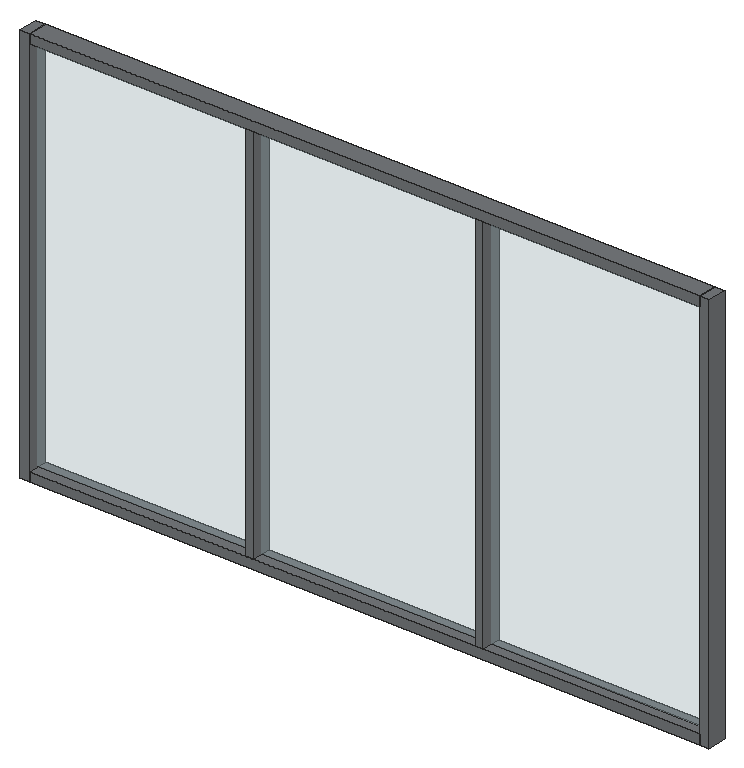
Revit family "LC D05-A - A11", category Doors, host Wall, Revit 2027
Family settings
  Host = Wall
  Always vertical = Yes
  Cut with Voids When Loaded = No
  Shared = No
  Room Calculation Point = No
Parameters (values of type "A11 nominal size")
  Function = Interior
  Frame Projection Ext. = 25 mm
  Frame Projection Int. = 25 mm
  Frame Width = 75 mm
  Height = 2100 mm  # constant formula
  Wall Closure = By host
  Width = 3600 mm  # constant formula
  Description = "A07/A08 position, A11 overall sizes. Frame50x100 and glazing6mm are visual coordination profiles; manufacturer sections/glazing specification pending. Panel divisions follow schedule appearance, undimensioned divisions provisional."
Reference planes
  plane 1: y = 0
  plane 2 "Center (Left/Right)": x = 0
  plane 3 "Left": x = -1800
  plane 4 "Right": x = 1800
  plane 5: z = 2100
  plane 6 "Exterior": y = 75
  plane 7 "Interior": y = -75
Forms (mm)
  Extrusion 1, solid, material "LC Aluminium - charcoal coordination"
    sketch origin (0, 0, 0) x (1, 0, 0) y (0, 1, 0)
      loop
        line (-1800, -50) -> (-1750, -50) -> (-1750, 50) -> (-1800, 50) -> (-1800, -50)
    from 0 to 2100
  Extrusion 2, solid, material "LC Aluminium - charcoal coordination"
    sketch origin (0, 0, 0) x (1, 0, 0) y (0, 1, 0)
      loop
        line (1750, -50) -> (1800, -50) -> (1800, 50) -> (1750, 50) -> (1750, -50)
    from 0 to 2100
  Extrusion 3, solid, material "LC Aluminium - charcoal coordination"
    sketch origin (0, 0, 0) x (1, 0, 0) y (0, 1, 0)
      loop
        line (-1750, -50) -> (1750, -50) -> (1750, 50) -> (-1750, 50) -> (-1750, -50)
    from 2050 to 2100
  Extrusion 4, solid, material "LC Aluminium - charcoal coordination"
    sketch origin (0, 0, 0) x (1, 0, 0) y (0, 1, 0)
      loop
        line (-1750, -50) -> (1750, -50) -> (1750, 50) -> (-1750, 50) -> (-1750, -50)
    from 0 to 50
  Extrusion 5, solid, material "LC Aluminium - charcoal coordination"
    sketch origin (0, 0, 0) x (1, 0, 0) y (0, 1, 0)
      loop
        line (-620, -50) -> (-580, -50) -> (-580, 50) -> (-620, 50) -> (-620, -50)
    from 50 to 2050
  Extrusion 6, solid, material "LC Aluminium - charcoal coordination"
    sketch origin (0, 0, 0) x (1, 0, 0) y (0, 1, 0)
      loop
        line (580, -50) -> (620, -50) -> (620, 50) -> (580, 50) -> (580, -50)
    from 50 to 2050
  Extrusion 7, solid, material "LC Glazing - specification pending"
    sketch origin (0, 0, 0) x (1, 0, 0) y (0, 1, 0)
      loop
        line (-1750, -3) -> (-600, -3) -> (-600, 3) -> (-1750, 3) -> (-1750, -3)
    from 50 to 2050
  Extrusion 8, solid, material "LC Glazing - specification pending"
    sketch origin (0, 0, 0) x (1, 0, 0) y (0, 1, 0)
      loop
        line (-600, -3) -> (600, -3) -> (600, 3) -> (-600, 3) -> (-600, -3)
    from 50 to 2050
  Extrusion 9, solid, material "LC Glazing - specification pending"
    sketch origin (0, 0, 0) x (1, 0, 0) y (0, 1, 0)
      loop
        line (600, -3) -> (1750, -3) -> (1750, 3) -> (600, 3) -> (600, -3)
    from 50 to 2050
Lines and regions (mm)
  Opening 1
    outline origin (-3050, -75, 0) x (1, 0, 0) y (0, 0, 1)
      loop
        line (1250, 0) -> (4850, 0) -> (4850, 2100) -> (1250, 2100) -> (1250, 0)
  symbolic lines, style "Elevation Swing"
    curve 1: line (1800, -75, 1050) -> (-1800, -75, 2100)
    curve 2: line (1800, -75, 1050) -> (-1800, -75, 0)
Text (mm)
  text "Exterior" at (-1376.75, 1099.543, 0), in view "Ref. Level"
  text "Exterior" at (0, 1615.38, 3698.081), in view "Left"
  text "Exterior" at (0, 1036.032, 3874.932), in view "Right"
Dimensions and locks
  equal spacing: plane 3 "Left", plane 2 "Center (Left/Right)", plane 4 "Right"
  "Width": plane 3 "Left" to plane 4 "Right"
  "Height": plane 5 to host wall
  equal spacing: host wall, curve 2, plane 5
  host wall to plane 5 = 2100 mm
  locked: plane 6 "Exterior" to host wall
  locked: plane 7 "Interior" to host wall
  aligned and locked: plane 3 "Left" to Opening 1 sketch curve
  aligned and locked: plane 5 to Opening 1 sketch curve  (x2)
  aligned and locked: Opening 1 sketch curve to plane 4 "Right"
  aligned and locked: Opening 1 sketch curve to level
  aligned and locked: plane 5 to curve 1
  aligned and locked: plane 3 "Left" to curve 2
  aligned and locked: plane 1 to host wall
  aligned and locked: plane 3 "Left" to curve 1
Automatic sketch dimensions
  plane 4 "Right" to curve 2 = 0 mm
  curve 2 to level = 0 mm
  Extrusion 1 sketch curve to plane 3 "Left" = 0 mm
  Extrusion 1 sketch curve to host wall = 25 mm  (x2)
  Extrusion 1 sketch curve to Extrusion 1 sketch curve = 50 mm
  Extrusion 2 sketch curve to plane 4 "Right" = 0 mm
  Extrusion 2 sketch curve to host wall = 25 mm  (x2)
  plane 4 "Right" to Extrusion 2 sketch curve = 50 mm
  Extrusion 3 sketch curve to host wall = 25 mm  (x2)
  Extrusion 3 sketch curve to plane 3 "Left" = 50 mm
  plane 4 "Right" to Extrusion 3 sketch curve = 50 mm
  Extrusion 4 sketch curve to host wall = 25 mm  (x2)
  Extrusion 4 sketch curve to plane 3 "Left" = 50 mm
  plane 4 "Right" to Extrusion 4 sketch curve = 50 mm
  Extrusion 5 sketch curve to host wall = 25 mm  (x2)
  Extrusion 5 sketch curve to plane 2 "Center (Left/Right)" = 620 mm
  Extrusion 5 sketch curve to Extrusion 5 sketch curve = 40 mm
  Extrusion 6 sketch curve to host wall = 25 mm  (x2)
  plane 2 "Center (Left/Right)" to Extrusion 6 sketch curve = 580 mm
  Extrusion 6 sketch curve to Extrusion 6 sketch curve = 40 mm
  host wall to Extrusion 7 sketch curve = 3 mm
  Extrusion 7 sketch curve to plane 3 "Left" = 50 mm
  Extrusion 7 sketch curve to host wall = 3 mm
  Extrusion 7 sketch curve to plane 2 "Center (Left/Right)" = 600 mm
  host wall to Extrusion 8 sketch curve = 3 mm
  Extrusion 8 sketch curve to plane 2 "Center (Left/Right)" = 600 mm
  Extrusion 8 sketch curve to host wall = 3 mm
  plane 2 "Center (Left/Right)" to Extrusion 8 sketch curve = 600 mm
  host wall to Extrusion 9 sketch curve = 3 mm
  plane 2 "Center (Left/Right)" to Extrusion 9 sketch curve = 600 mm
  Extrusion 9 sketch curve to host wall = 3 mm
  plane 4 "Right" to Extrusion 9 sketch curve = 50 mm
